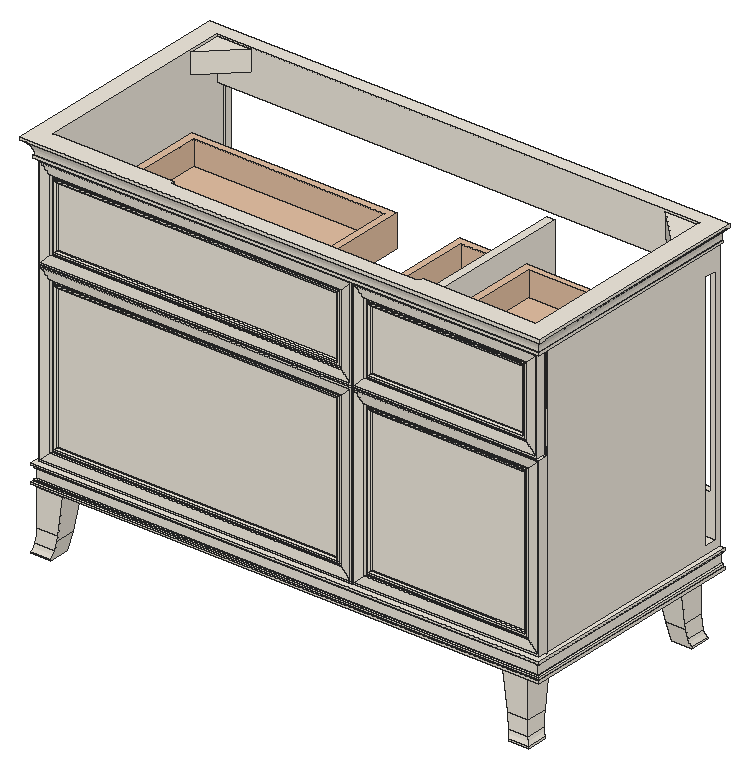
Revit family "Furniture-Floor_Mount-Vanity-KOHLER-Artifacts-K-29481_1", category Casework, host Face, Revit 2021
Family settings
  Host = Face
  OmniClass Number = 23.21.19.00
  Cut with Voids When Loaded = No
  Shared = No
  Room Calculation Point = No
Parameters (values of type "1WA-Linen White")
  Width = 48 1/32"  # constant formula
  WaterSense Certified = 1 = 0  # no
  URL = "https://www.us.kohler.com/us/"
  Type = 1
  Product Page URL = "http://www.us.kohler.com/us/catalog/productDetails.jsp?productNumber=29481"
  Product Name = "Artifacts"  # constant formula
  Product Documentation Link = "https://www.us.kohler.com/webassets/kpna/catalog/pdf/en/K-29481_spec_US-CA_Kohler_en.pdf"
  Model = if(Type = 1, "K-29481-1WA", if(Type = 2, "K-29481-1WX", if(Type = 3, "K-29481-AGA", if(Type = 4, "K-29481-BWK", if(Type = 5, "K-29481-WEK", "NA")))))  # "K-29481-1WA"
  Material = "Solid Wood\r\n"  # constant formula
  Master Format 2014 Name = "Bathroom Casework"  # constant formula
  Master Format 2014 = "12 35 30.23"  # constant formula
  Manufacturer Address = "444 Highland Dr, Kohler, WI 53044"  # constant formula
  Manufacturer = "Kohler Co."  # constant formula
  Product Finish = Kohler-Wood-1WA-Linen_White
  Height = 34 155/256"  # constant formula
  Hardware Included = 0 = 1  # no
  Finish = if(Type = 1, "Kohler-Wood-1WA-Linen White", if(Type = 2, "Kohler-Wood-1WX-New_Dark_Grey", if(Type = 3, "KOHLER-Wood-AGA-Ash_Grey", if(Type = 4, "KOHLER-Wood-BWK-Carbon_Oak", if(Type = 5, "KOHLER-Wood-WEK-Weathered_Oak", "NA")))))  # "Kohler-Wood-1WA-Linen White"
  Environmental Product Declaration = ""
  Description = "48 inch vanity"  # constant formula
  Depth = 21 57/64"  # constant formula
  Default Elevation = 0"
  Declare Label = ""
  Date Modified = "11/04/2023"  # constant formula
  Date Created = "11/04/2023"  # constant formula
  Copyright = "Copyright Kohler Co."  # constant formula
  Contact Us = "https://www.us.kohler.com/us/static/contact.jsp"
  Construction Type = ""
  Assembly Code = "E2010.30"
  ADA Compliant = 1 = 0  # no
Reference planes (in)
  plane 1 "Center (Front/Back)": y = 0
  plane 2: z = 0
  plane 3 "Center (Left/Right)": x = 0
  plane 4: y = -10.94574
  plane 5: y = 9.64567
  plane 6: y = 9.2126
  plane 7: z = 34.60547
  plane 8: z = 30.66929
  plane 9: z = 12.28346
  plane 10: z = 0.11811
  plane 11: x = -30
  plane 12: x = 18.03125
  plane 13: y = 10.94488
  plane 14: x = -28.45669
  plane 15: x = -28.22834
  plane 16: x = 16.71266
  plane 17: y = 0.25591
Dimensions and locks (in)
  "Height": plane 7 to level
  plane 8 to plane 9 to plane 10 = 18.38583", 12.16535"
  "Width": plane 11 to plane 12
  "Depth": plane 4 to plane 13
  aligned and locked: plane 2 to host face
  aligned and locked: level to host face
  aligned and locked: nested 1 to plane 13
Automatic sketch dimensions
  host sketch curve to host sketch curve = 96"  (x2)
Nested families (in)
  nested 1: "K-29481" at (0, 0.25591, 0), type "K-29481"
Definition of nested family "K-29481"
  Parameters (values of type "K-29481")
    Material = none
    Finish = "Kohler-Wood-1WA-Linen White"
    Default Elevation = 0"
    Construction Type = ""
  Reference planes (in)
    plane 1 "Center (Front/Back)": y = 0
    plane 2: z = 0
    plane 3 "Center (Left/Right)": x = 0
    plane 4: z = 34.48797
    plane 5: z = 5.70844
    plane 6: x = -30
    plane 7: x = -28.45669
    plane 8: y = -11.20079
    plane 9: x = 18.0315
    plane 10: z = -0.11811
    plane 11: y = 10.68898
    plane 12: x = -28.22834
    plane 13: x = 1.5748
    plane 14: x = 2.50006
    plane 15: x = 16.71266
  Forms (in)
    Sweep 1, solid, material <- "Material"
      path origin (0, 0, 0) x (1, 0, 0) y (0, 1, 0)
        loop
          line (-30, 10.68898) -> (-30, -11.20079) -> (18.0315, -11.20079) -> (18.0315, 10.68898)
      profile origin (-5.98425, -11.20079, 0) x (0, 1, 0) y (0, 0, 1)
        loop
          line (4.71667, 34.48797) -> (0, 34.48797) -> (0, 34.17301)
          arc (0, 34.17301) -> (0.55132, 33.64836) -> (0.74803, 32.91317) r 1.40448
          line (0.74803, 32.91317) -> (0.62992, 32.91317) -> (0.62992, 32.67694) -> (4.71667, 32.67694) -> (4.71667, 34.48797)
        loop
          line (4.71667, 7.51946) -> (0.47244, 7.51946) -> (0.47244, 7.28324) -> (0.59055, 7.28324) -> (0.59055, 7.16513)
          arc (0.59055, 7.16513) -> (0.64161, 7.11387) -> (0.66929, 7.04702) r 0.18633
          line (0.66929, 7.04702) -> (0.7874, 7.04702) -> (0.7874, 6.18088) -> (0.66929, 6.18088)
          arc (0.66929, 6.18088) -> (0.64139, 6.11418) -> (0.59055, 6.06277) r 0.18962
          line (0.59055, 6.06277) -> (0.59055, 5.94466) -> (0.47244, 5.94466) -> (0.47244, 5.70844) -> (4.71667, 5.70844) -> (4.71667, 7.51946)
    Extrusion 2, solid, material <- "Material"
      sketch origin (0, 0, 0) x (1, 0, 0) y (0, 0, 1)
        loop
          line (17.14609, 5.70844) -> (17.14609, 34.48797) -> (-29.05512, 34.48797) -> (-29.05512, 5.70844) -> (17.14609, 5.70844)
      from -10.68898 to 9.4685
    Extrusion 3, void
      sketch origin (0, 0, 0) x (1, 0, 0) y (0, 1, 0)
        loop
          line (-28.34646, 9.46817) -> (-28.34646, -9.4685) -> (16.23611, -9.4685) -> (16.23611, 9.46817) -> (-28.34646, 9.46817)
      from 8.22813 to 38.8933
    Extrusion 4, solid, material <- "Material", detail levels medium+fine
      sketch origin (0, 0, 0) x (0, 1, 0) y (0, 0, 1)
        loop
          line (-9.4685, 32.67694) -> (-9.4685, 7.51946) -> (-9.43655, 7.51946) -> (-9.43655, 32.67694) -> (-9.4685, 32.67694)
      from -29.05512 to 17.2642
    Sweep 5, solid, material <- "Material", detail levels medium+fine
      path origin (0, 0, 0) x (1, 0, 0) y (0, 0, 1)
        loop
          line (-0.05905, 32.55883) -> (-28.95669, 32.55883) -> (-28.95669, 23.97616) -> (-0.05905, 23.97616) -> (-0.05905, 32.55883)
      profile origin (-14.50787, 0, 32.55883) x (0, 0, -1) y (0, -1, 0)
        loop
          line (0, 9.58667) -> (3.93701, 9.58667) -> (3.93701, 10.05867) -> (1.53561, 10.05867) -> (1.49606, 10.15753) -> (1.29921, 10.25596) -> (1.1811, 10.25596) -> (1.16142, 10.13785) -> (1.00394, 10.13785) -> (0.98425, 10.25596) -> (0.11811, 10.37407) -> (0, 10.37407) -> (0, 9.58667)
    Extrusion 6, solid, material <- "Material", detail levels medium+fine
      sketch origin (0, 0, 0) x (1, 0, 0) y (0, 0, 1)
        loop
          line (-25.01968, 28.62183) -> (-25.01968, 27.91317) -> (-3.99606, 27.91317) -> (-3.99606, 28.62183) -> (-25.01968, 28.62183)
      from 9.58667 to 10.05867
    Sweep 7, solid, material <- "Material", detail levels medium+fine
      path origin (0, 0, 0) x (1, 0, 0) y (0, 0, 1)
        loop
          line (-0.05905, 23.85805) -> (-28.95669, 23.85805) -> (-28.95669, 7.63757) -> (-0.05905, 7.63757) -> (-0.05905, 23.85805)
      profile origin (-14.50787, 0, 23.85805) x (0, 0, -1) y (0, -1, 0)
        loop
          line (0, 9.5865) -> (6.69291, 9.5865) -> (6.69291, 10.0585) -> (1.53561, 10.0585) -> (1.49606, 10.15737) -> (1.29921, 10.2558) -> (1.1811, 10.2558) -> (1.16142, 10.13769) -> (1.00394, 10.13769) -> (0.98425, 10.2558) -> (0.11811, 10.37391) -> (0, 10.37391) -> (0, 9.5865)
    Extrusion 8, solid, material <- "Material", detail levels medium+fine
      sketch origin (0, 0, 0) x (1, 0, 0) y (0, 0, 1)
        loop
          line (-22.26378, 17.16513) -> (-22.26378, 14.33049) -> (-6.75197, 14.33049) -> (-6.75197, 17.16513) -> (-22.26378, 17.16513)
      from 9.5865 to 10.0585
    Extrusion 9, solid, material <- "Material", detail levels medium+fine
      sketch origin (0, -0.25728, -0.0019) x (0, 1, 0) y (0, 0, 1)
        loop
          arc (-9.24964, 27.71833) -> (-9.30603, 27.69497) -> (-9.32939, 27.63857) r 0.07975
          line (-9.32939, 27.63857) -> (-9.32939, 24.76557) -> (-9.21123, 24.76557) -> (-9.21123, 27.71833) -> (-9.24964, 27.71833)
        loop
          line (-9.21123, 15.51344) -> (-9.25049, 15.51344)
          arc (-9.25049, 15.51344) -> (-9.30616, 15.49038) -> (-9.32923, 15.4347) r 0.07874
          line (-9.32923, 15.4347) -> (-9.32923, 9.60793) -> (-9.21123, 9.60793) -> (-9.21123, 15.51344)
      from -28.95669 to 17.2642
    Sweep 10, solid, material <- "Material", detail levels medium+fine
      path origin (0, 0, 0) x (-1, 0, 0) y (0, 0, 1)
        loop
          line (-0.05905, 32.55883) -> (-17.08662, 32.55883) -> (-17.08662, 23.97616) -> (-0.05905, 23.97616) -> (-0.05905, 32.55883)
      profile origin (8.57283, 0, 32.55883) x (0, 0, 1) y (0, -1, 0)
        loop
          line (0, 9.58667) -> (0, 10.37407) -> (-0.11811, 10.37407) -> (-0.98425, 10.25596) -> (-1.00394, 10.13785) -> (-1.16142, 10.13785) -> (-1.1811, 10.25596) -> (-1.29921, 10.25596) -> (-1.49606, 10.15753) -> (-1.53561, 10.05867) -> (-3.93701, 10.05867) -> (-3.93701, 9.58667) -> (0, 9.58667)
    Sweep 11, solid, material <- "Material", detail levels medium+fine
      path origin (0, 0, 0) x (-1, 0, 0) y (0, 0, 1)
        loop
          line (-0.05905, 23.85805) -> (-17.2642, 23.85805) -> (-17.2642, 7.63757) -> (-0.05905, 7.63757) -> (-0.05905, 23.85805)
      profile origin (8.66163, 0, 23.85805) x (0, 0, 1) y (0, -1, 0)
        loop
          line (0, 9.5865) -> (0, 10.37391) -> (-0.11811, 10.37391) -> (-0.98425, 10.2558) -> (-1.00394, 10.13769) -> (-1.16142, 10.13769) -> (-1.1811, 10.2558) -> (-1.29921, 10.2558) -> (-1.49606, 10.15737) -> (-1.53561, 10.0585) -> (-6.69291, 10.0585) -> (-6.69291, 9.5865) -> (0, 9.5865)
    Extrusion 12, solid, material <- "Material", detail levels medium+fine
      sketch origin (0, 0, 0) x (-1, 0, 0) y (0, 0, -1)
        loop
          line (-13.14961, -28.62183) -> (-3.99606, -28.62183) -> (-3.99606, -27.91317) -> (-13.14961, -27.91317) -> (-13.14961, -28.62183)
      from 9.58667 to 10.05867
    Extrusion 13, solid, material <- "Material", detail levels medium+fine
      sketch origin (0, 0, 0) x (-1, 0, 0) y (0, 0, -1)
        loop
          line (-10.57129, -17.16513) -> (-6.75197, -17.16513) -> (-6.75197, -14.33049) -> (-10.57129, -14.33049) -> (-10.57129, -17.16513)
      from 9.5865 to 10.0585
    Extrusion 14, solid, material <- "Material", detail levels medium+fine
      sketch origin (0, 0, 0) x (1, 0, 0) y (0, 0, 1)
        loop
          arc (-29.05777, 2.07893) -> (-29.13701, 1.08595) -> (-29.37273, 0.11811) r 6.26114
          line (-29.37273, 0.11811) -> (-29.37273, 0) -> (-27.56171, 0)
          arc (-27.56171, 0) -> (-27.37862, 0.78501) -> (-27.24268, 1.57954) r 13.51115
          line (-27.24268, 1.57954) -> (-26.69557, 5.47244) -> (-29.05777, 5.47244) -> (-29.05777, 2.07893)
      from 7.22501 to 11.50413
    Extrusion 15, void
      sketch origin (0, 0, 0) x (0, 1, 0) y (0, 0, 1)
        loop
          arc (-10.41339, 2.07893) -> (-10.43409, 1.43081) -> (-10.4961, 0.78533) r 10.15706
          arc (-10.4961, 0.78533) -> (-10.57753, 0.43964) -> (-10.72835, 0.11812) r 1.71658
          line (-10.72835, 0.11812) -> (-10.72835, 0) -> (-8.91732, 0)
          arc (-8.91732, 0) -> (-8.73424, 0.78501) -> (-8.59829, 1.57954) r 13.51115
          line (-8.59829, 1.57954) -> (-8.05118, 5.47244) -> (-10.41339, 5.47244) -> (-10.41339, 2.07893)
        loop
          line (-11.72111, 6.21798) -> (-11.72111, -0.47493) -> (-7.09512, -0.47493) -> (-7.09512, 6.21798) -> (-11.72111, 6.21798)
      from -34.73225 to 35.74638
    Extrusion 16, solid, material <- "Material", detail levels medium+fine
      sketch origin (0, 0, 0) x (-1, 0, 0) y (0, 0, -1)
        loop
          line (-16.30187, -2.07893) -> (-16.30187, -5.47244) -> (-13.93966, -5.47244) -> (-14.48678, -1.57954)
          arc (-14.48678, -1.57954) -> (-14.62272, -0.78501) -> (-14.80581, 0) r 13.51115
          line (-14.80581, 0) -> (-16.61683, 0) -> (-16.61683, -0.11811)
          arc (-16.61683, -0.11811) -> (-16.4679, -0.4403) -> (-16.38458, -0.78533) r 1.81328
          arc (-16.38458, -0.78533) -> (-16.31894, -1.43058) -> (-16.30187, -2.07893) r 8.64397
      from 7.22501 to 11.50413
    Extrusion 17, solid, material <- "Material", detail levels medium+fine
      sketch origin (0, 0, 0) x (-1, 0, 0) y (0, 0, 1)
        loop
          arc (-16.30187, 2.07893) -> (-16.31894, 1.43058) -> (-16.38458, 0.78533) r 8.64397
          arc (-16.38458, 0.78533) -> (-16.4679, 0.4403) -> (-16.61683, 0.11811) r 1.81328
          line (-16.61683, 0.11811) -> (-16.61683, 0) -> (-14.80581, 0)
          arc (-14.80581, 0) -> (-14.62272, 0.78501) -> (-14.48678, 1.57954) r 13.51115
          line (-14.48678, 1.57954) -> (-13.93966, 5.47244) -> (-16.30187, 5.47244) -> (-16.30187, 2.07893)
      from 7.05316 to 10.17717
    Extrusion 18, solid, material <- "Material", detail levels medium+fine
      sketch origin (0, 0, 0) x (1, 0, 0) y (0, 0, -1)
        loop
          line (-29.05777, -2.07893) -> (-29.05777, -5.47244) -> (-26.69557, -5.47244) -> (-27.24268, -1.57954)
          arc (-27.24268, -1.57954) -> (-27.37862, -0.78501) -> (-27.56171, 0) r 13.51115
          line (-27.56171, 0) -> (-29.37273, 0) -> (-29.37273, -0.11811)
          arc (-29.37273, -0.11811) -> (-29.13701, -1.08595) -> (-29.05777, -2.07893) r 6.26114
      from 7.09512 to 10.17717
    Extrusion 19, void
      sketch origin (0, 0, 0) x (0, 1, 0) y (0, 0, 1)
        loop
          line (9.58692, 2.07893) -> (9.58692, 5.47244) -> (7.22471, 5.47244) -> (7.77182, 1.57954)
          arc (7.77182, 1.57954) -> (7.90777, 0.78501) -> (8.09085, 0) r 13.51115
          line (8.09085, 0) -> (9.90188, 0) -> (9.90188, 0.11812)
          arc (9.90188, 0.11812) -> (9.75106, 0.43964) -> (9.66963, 0.78533) r 1.71658
          arc (9.66963, 0.78533) -> (9.60762, 1.43081) -> (9.58692, 2.07893) r 10.15706
        loop
          line (10.89464, 6.21798) -> (6.26865, 6.21798) -> (6.26865, -0.47493) -> (10.89464, -0.47493) -> (10.89464, 6.21798)
      from -33.62709 to 32.43652
    Extrusion 20, solid, material <- "Material", detail levels medium+fine
      sketch origin (0, 0, 0) x (1, 0, 0) y (0, 1, 0)
        loop
          line (-27.38479, -6.20972) -> (-29.05512, -7.88005) -> (-29.05512, -10.41339) -> (-26.52178, -10.41339) -> (-24.85145, -8.74305)
          arc (-24.85145, -8.74305) -> (-24.79379, -8.60386) -> (-24.85145, -8.46467) r 0.19685
          line (-24.85145, -8.46467) -> (-27.1064, -6.20972)
          arc (-27.1064, -6.20972) -> (-27.24559, -6.15206) -> (-27.38479, -6.20972) r 0.19685
        loop
          line (15.41628, 5.38541) -> (17.08662, 7.05574) -> (17.08662, 9.58907) -> (14.55328, 9.58907) -> (12.88295, 7.91874)
          arc (12.88295, 7.91874) -> (12.82529, 7.77955) -> (12.88295, 7.64036) r 0.19685
          line (12.88295, 7.64036) -> (15.1379, 5.38541)
          arc (15.1379, 5.38541) -> (15.27709, 5.32775) -> (15.41628, 5.38541) r 0.19685
        loop
          arc (-27.38479, 5.38283) -> (-27.24559, 5.32517) -> (-27.1064, 5.38283) r 0.19685
          line (-27.1064, 5.38283) -> (-24.85145, 7.63778)
          arc (-24.85145, 7.63778) -> (-24.79379, 7.77697) -> (-24.85145, 7.91617) r 0.19685
          line (-24.85145, 7.91617) -> (-26.52178, 9.5865) -> (-29.05512, 9.5865) -> (-29.05512, 7.05316) -> (-27.38479, 5.38283)
        loop
          arc (15.41629, -6.20972) -> (15.27709, -6.15206) -> (15.1379, -6.20972) r 0.19685
          line (15.1379, -6.20972) -> (12.88295, -8.46467)
          arc (12.88295, -8.46467) -> (12.8253, -8.60386) -> (12.88295, -8.74305) r 0.19685
          line (12.88295, -8.74305) -> (14.55328, -10.41339) -> (17.08662, -10.41339) -> (17.08662, -7.88005) -> (15.41629, -6.20972)
      from 5.47244 to 5.94466
    Extrusion 21, solid
      sketch origin (0, 0, 0) x (1, 0, 0) y (0, 1, 0)
        loop
          line (-9.25243, 6.3584) -> (-28.14946, 6.3584) -> (-28.14946, -9.4685) -> (1.69266, -9.4685) -> (1.69266, 6.3584) -> (-3.42565, 6.3584) -> (-3.42565, -4.15343) -> (-9.25243, -4.15343) -> (-9.25243, 6.3584)
        loop
          line (-9.25243, -8.99595) -> (-3.42565, -8.99595) -> (-3.42565, -4.74398) -> (-9.25243, -4.74398) -> (-9.25243, -8.99595)
        loop
          line (-27.5589, -8.99595) -> (-9.84298, -8.99595) -> (-9.84298, 5.76785) -> (-27.5589, 5.76785) -> (-27.5589, -8.99595)
        loop
          line (1.29896, -8.99595) -> (1.29896, 5.76785) -> (-2.8351, 5.76785) -> (-2.8351, -8.99595) -> (1.29896, -8.99595)
      from 24.76356 to 27.71643
    Extrusion 22, solid
      sketch origin (0, 0, 0) x (1, 0, 0) y (0, 1, 0)
        loop
          line (-9.25243, -8.99595) -> (-3.42592, -8.99595) -> (-3.42592, -4.27154) -> (-9.25243, -4.27154) -> (-9.25243, -8.99595)
        loop
          line (-27.5589, -8.99595) -> (-9.84298, -8.99595) -> (-9.84298, 5.76785) -> (-27.5589, 5.76785) -> (-27.5589, -8.99595)
        loop
          line (1.73137, -8.99595) -> (1.73137, 5.76785) -> (-2.83537, 5.76785) -> (-2.83537, -8.99595) -> (1.73137, -8.99595)
      from 25.15726 to 25.47222
    Extrusion 23, solid
      sketch origin (0, 0, 0) x (-1, 0, 0) y (0, -1, 0)
        loop
          line (-6.3776, -6.3584) -> (-2.79511, -6.3584) -> (-2.79511, 9.4685) -> (-16.23611, 9.4685) -> (-16.23611, -6.3584) -> (-6.3776, -6.3584)
        loop
          line (-15.64556, 8.99595) -> (-15.64556, -5.76785) -> (-12.36224, -5.76785) -> (-3.38566, -5.76785) -> (-3.38566, 8.99595) -> (-12.36224, 8.99595) -> (-15.64556, 8.99595)
      from 24.76356 to 27.71643
    Extrusion 24, solid
      sketch origin (0, 0, 0) x (-1, 0, 0) y (0, -1, 0)
        loop
          line (-16.23611, 8.99595) -> (-16.23611, -5.76785) -> (-2.79511, -5.76785) -> (-2.79511, 8.99595) -> (-16.23611, 8.99595)
      from 25.15726 to 25.47222
    Extrusion 25, solid, material <- "Material"
      sketch origin (2.16535, 0, 0) x (1, 0, 0) y (0, 1, 0)
        loop
          line (-0.35433, -9.43655) -> (0.35433, -9.43655) -> (0.35433, 9.90188) -> (-0.35433, 9.90188) -> (-0.35433, -9.43655)
      from 5.70844 to 29.77231
    Extrusion 26, solid
      sketch origin (0, 0, 0) x (1, 0, 0) y (0, 0, 1)
        loop
          line (16.73214, 9.60613) -> (16.73214, 15.4355)
          arc (16.73214, 15.4355) -> (16.70984, 15.48934) -> (16.656, 15.51164) r 0.07614
          line (16.656, 15.51164) -> (16.21656, 15.51164)
          arc (16.21656, 15.51164) -> (16.16354, 15.48968) -> (16.14158, 15.43666) r 0.07498
          line (16.14158, 15.43666) -> (16.14158, 10.27542) -> (5.39354, 10.27542) -> (3.18126, 10.27542) -> (3.18126, 15.43666)
          arc (3.18126, 15.43666) -> (3.1593, 15.48968) -> (3.10628, 15.51164) r 0.07498
          line (3.10628, 15.51164) -> (2.66685, 15.51164)
          arc (2.66685, 15.51164) -> (2.61301, 15.48934) -> (2.59071, 15.4355) r 0.07614
          line (2.59071, 15.4355) -> (2.59071, 9.60613) -> (3.18126, 9.60613) -> (3.18126, 10.07857) -> (16.14158, 10.07857) -> (16.14158, 9.60613) -> (16.73214, 9.60613)
      from -6.3584 to 9.84252
    Extrusion 27, solid
      sketch origin (0, 0, 0) x (0, 1, 0) y (0, 0, 1)
        loop
          line (5.76785, 15.4329) -> (5.76785, 9.60613) -> (6.3584, 9.60613) -> (6.3584, 15.4329)
          arc (6.3584, 15.4329) -> (6.33534, 15.48858) -> (6.27966, 15.51164) r 0.07874
          line (6.27966, 15.51164) -> (5.84659, 15.51164)
          arc (5.84659, 15.51164) -> (5.79091, 15.48858) -> (5.76785, 15.4329) r 0.07874
      from 3.18126 to 16.27995
    Extrusion 28, void
      sketch origin (7.28242, 0, 0) x (1, 0, 0) y (0, 0, 1)
        loop
          arc (-16.53528, 13.42502) -> (-16.3969, 13.09096) -> (-16.06284, 12.95258) r 0.47244
          line (-16.06284, 12.95258) -> (-11.1771, 12.95258)
          arc (-11.1771, 12.95258) -> (-10.84575, 13.08983) -> (-10.70851, 13.42118) r 0.46859
          line (-10.70851, 13.42118) -> (-10.70851, 16.51972) -> (-16.53528, 16.51972) -> (-16.53528, 13.42502)
      from -9.58692 to -5.76785
    Extrusion 29, solid
      sketch origin (0, 0, 0) x (0, 1, 0) y (0, 0, -1)
        loop
          arc (5.76785, -15.4329) -> (5.79091, -15.48858) -> (5.84659, -15.51164) r 0.07874
          line (5.84659, -15.51164) -> (6.27966, -15.51164)
          arc (6.27966, -15.51164) -> (6.33534, -15.48858) -> (6.3584, -15.4329) r 0.07874
          line (6.3584, -15.4329) -> (6.3584, -9.60613) -> (5.76785, -9.60613) -> (5.76785, -15.4329)
      from -1.04331 to 28.14946
    Extrusion 30, solid
      sketch origin (0, 0, 0) x (-1, 0, 0) y (0, 0, -1)
        loop
          line (28.14946, -9.60613) -> (27.55891, -9.60613) -> (27.55891, -10.07857) -> (-0.88779, -10.07857) -> (-0.88779, -9.60613) -> (-1.47834, -9.60613) -> (-1.47834, -15.4355)
          arc (-1.47834, -15.4355) -> (-1.45604, -15.48934) -> (-1.4022, -15.51164) r 0.07614
          line (-1.4022, -15.51164) -> (-0.96276, -15.51164)
          arc (-0.96276, -15.51164) -> (-0.90975, -15.48968) -> (-0.88779, -15.43666) r 0.07498
          line (-0.88779, -15.43666) -> (-0.88779, -10.2951) -> (18.74002, -10.2951) -> (27.55891, -10.2951) -> (27.55891, -15.43666)
          arc (27.55891, -15.43666) -> (27.58087, -15.48968) -> (27.63388, -15.51164) r 0.07498
          line (27.63388, -15.51164) -> (28.07332, -15.51164)
          arc (28.07332, -15.51164) -> (28.12716, -15.48934) -> (28.14946, -15.4355) r 0.07614
          line (28.14946, -15.4355) -> (28.14946, -9.60613)
      from -6.3584 to 9.4685
    Extrusion 31, solid, material <- "Material", detail levels medium+fine
      sketch origin (0.04462, 0, 15.14656) x (1, 0, 0) y (0, 0, 1)
        loop
          line (15.3947, 10.59077) -> (15.20556, 10.63015)
          arc (15.20556, 10.63015) -> (14.69655, 10.40376) -> (15.20556, 10.17738) r 0.30485
          line (15.20556, 10.17738) -> (15.3947, 10.21676) -> (15.50202, 10.21676) -> (15.58651, 10.40376) -> (15.50202, 10.59077) -> (15.3947, 10.59077)
      from -6.71135 to -6.65308
    Extrusion 32, solid, material <- "Material", detail levels medium+fine
      sketch origin (0.04184, 0, 15.15685) x (1, 0, 0) y (0, 0, 1)
        loop
          line (14.32627, 9.39422) -> (15.49556, 9.39422) -> (15.49556, 10.01423)
          arc (15.49556, 10.01423) -> (15.47652, 10.06021) -> (15.43053, 10.07926) r 0.06503
          line (15.43053, 10.07926) -> (14.39443, 10.07926)
          arc (14.39443, 10.07926) -> (14.34624, 10.0593) -> (14.32627, 10.01111) r 0.06815
          line (14.32627, 10.01111) -> (14.32627, 9.39422)
      from -6.71135 to 8.28773
    Extrusion 33, solid, material <- "Material", detail levels medium+fine
      sketch origin (0.03937, 0, 15.15685) x (1, 0, 0) y (0, 0, 1)
        loop
          line (15.27638, 9.39422) -> (14.55197, 9.39422) -> (14.55197, 9.28652)
          arc (14.55197, 9.28652) -> (14.5439, 9.26705) -> (14.52443, 9.25898) r 0.02754
          line (14.52443, 9.25898) -> (14.30394, 9.25898) -> (14.30394, 9.20052) -> (15.27638, 9.20052) -> (15.27638, 9.39422)
      from -6.53419 to 5.49337
    Extrusion 34, solid, material <- "Material"
      sketch origin (0.03615, 0, 15.16015) x (1, 0, 0) y (0, 0, 1)
        loop
          line (14.90599, 9.03167) -> (16.15266, 9.03167)
          arc (16.15266, 9.03167) -> (16.28629, 9.08702) -> (16.34164, 9.22065) r 0.18898
          line (16.34164, 9.22065) -> (16.3418, 10.90175) -> (16.27077, 10.90175) -> (16.27077, 10.8053) -> (16.2314, 10.75411) -> (16.2314, 9.71081) -> (16.27077, 9.65963) -> (16.27077, 9.2185)
          arc (16.27077, 9.2185) -> (16.23681, 9.1365) -> (16.15481, 9.10254) r 0.11596
          line (16.15481, 9.10254) -> (14.90425, 9.10254)
          arc (14.90425, 9.10254) -> (14.87668, 9.11396) -> (14.86526, 9.14153) r 0.039
          line (14.86526, 9.14153) -> (14.86526, 9.19722) -> (14.79439, 9.19722) -> (14.79439, 9.14327)
          arc (14.79439, 9.14327) -> (14.82708, 9.06436) -> (14.90599, 9.03167) r 0.1116
      from -5.58126 to 8.03274
    Extrusion 35, solid, material <- "Material"
      sketch origin (-11.9685, 0, 0) x (1, 0, 0) y (0, 0, 1)
        loop
          line (28.22047, 24.55009) -> (27.77501, 24.55009) -> (27.77501, 24.26269) -> (28.22047, 24.26269) -> (28.22047, 24.55009)
      from -3.95133 to 6.04913
    Extrusion 36, solid, material <- "Material", detail levels medium+fine
      sketch origin (-11.9685, 0, 0) x (1, 0, 0) y (0, 0, 1)
        loop
          line (27.30906, 25.89359) -> (26.58071, 25.89359) -> (26.58071, 25.23611) -> (27.44685, 25.23611) -> (27.44685, 25.76761) -> (27.30906, 25.76761) -> (27.30906, 25.89359)
      from -6.65308 to -5.83754
    Extrusion 37, solid, material <- "Material", detail levels medium+fine
      sketch origin (-12.01312, 0, 15.14656) x (-1, 0, 0) y (0, 0, -1)
        loop
          line (15.3947, -10.59077) -> (15.50202, -10.59077) -> (15.58651, -10.40376) -> (15.50202, -10.21676) -> (15.3947, -10.21676) -> (15.20556, -10.17738)
          arc (15.20556, -10.17738) -> (14.69655, -10.40376) -> (15.20556, -10.63015) r 0.30485
          line (15.20556, -10.63015) -> (15.3947, -10.59077)
      from -6.71135 to -6.65308
    Extrusion 38, solid, material <- "Material", detail levels medium+fine
      sketch origin (-12.01034, 0, 15.15685) x (-1, 0, 0) y (0, 0, -1)
        loop
          line (14.32627, -9.39422) -> (14.32627, -10.01111)
          arc (14.32627, -10.01111) -> (14.34624, -10.0593) -> (14.39443, -10.07926) r 0.06815
          line (14.39443, -10.07926) -> (15.43053, -10.07926)
          arc (15.43053, -10.07926) -> (15.47652, -10.06021) -> (15.49556, -10.01423) r 0.06503
          line (15.49556, -10.01423) -> (15.49556, -9.39422) -> (14.32627, -9.39422)
      from -6.71135 to 8.28773
    Extrusion 39, solid, material <- "Material"
      sketch origin (-12.00465, 0, 15.16015) x (-1, 0, 0) y (0, 0, -1)
        loop
          arc (14.90599, -9.03167) -> (14.82708, -9.06436) -> (14.79439, -9.14327) r 0.1116
          line (14.79439, -9.14327) -> (14.79439, -9.19722) -> (14.86526, -9.19722) -> (14.86526, -9.14153)
          arc (14.86526, -9.14153) -> (14.87668, -9.11396) -> (14.90425, -9.10254) r 0.039
          line (14.90425, -9.10254) -> (16.15481, -9.10254)
          arc (16.15481, -9.10254) -> (16.23681, -9.1365) -> (16.27077, -9.2185) r 0.11596
          line (16.27077, -9.2185) -> (16.27077, -9.65963) -> (16.2314, -9.71081) -> (16.2314, -10.75411) -> (16.27077, -10.8053) -> (16.27077, -10.90175) -> (16.3418, -10.90175) -> (16.34164, -9.22065)
          arc (16.34164, -9.22065) -> (16.28629, -9.08702) -> (16.15266, -9.03167) r 0.18898
          line (16.15266, -9.03167) -> (14.90599, -9.03167)
      from -5.58126 to 8.03274
    Extrusion 40, solid, material <- "Material"
      sketch origin (0, 0, 0) x (-1, 0, 0) y (0, 0, -1)
        loop
          line (28.22047, -24.55009) -> (28.22047, -24.26269) -> (27.77501, -24.26269) -> (27.77501, -24.55009) -> (28.22047, -24.55009)
      from -3.95133 to 6.04913
    Extrusion 41, solid, material <- "Material", detail levels medium+fine
      sketch origin (0, 0, 0) x (-1, 0, 0) y (0, 0, -1)
        loop
          line (27.30906, -25.89359) -> (27.30906, -25.76761) -> (27.44685, -25.76761) -> (27.44685, -25.23611) -> (26.58071, -25.23611) -> (26.58071, -25.89359) -> (27.30906, -25.89359)
      from -6.65308 to -5.81042
    Extrusion 42, solid, material <- "Material", detail levels medium+fine
      sketch origin (-12.00788, 0, 15.15685) x (-1, 0, 0) y (0, 0, -1)
        loop
          line (15.27638, -9.39422) -> (15.27638, -9.20052) -> (14.30394, -9.20052) -> (14.30394, -9.25898) -> (14.52443, -9.25898)
          arc (14.52443, -9.25898) -> (14.5439, -9.26705) -> (14.55197, -9.28652) r 0.02754
          line (14.55197, -9.28652) -> (14.55197, -9.39422) -> (15.27638, -9.39422)
      from -6.53419 to 5.49337
    Extrusion 43, solid, material <- "Material", detail levels medium+fine
      sketch origin (18.75458, 0, 15.14656) x (-1, 0, 0) y (0, 0, -1)
        loop
          line (15.3947, -10.59077) -> (15.50202, -10.59077) -> (15.58651, -10.40376) -> (15.50202, -10.21676) -> (15.3947, -10.21676) -> (15.20556, -10.17738)
          arc (15.20556, -10.17738) -> (14.69655, -10.40376) -> (15.20556, -10.63015) r 0.30485
          line (15.20556, -10.63015) -> (15.3947, -10.59077)
      from -6.71135 to -6.65308
    Extrusion 44, solid, material <- "Material", detail levels medium+fine
      sketch origin (18.75736, 0, 15.15685) x (-1, 0, 0) y (0, 0, -1)
        loop
          line (14.32627, -9.39422) -> (14.32627, -10.01111)
          arc (14.32627, -10.01111) -> (14.34624, -10.0593) -> (14.39443, -10.07926) r 0.06815
          line (14.39443, -10.07926) -> (15.43053, -10.07926)
          arc (15.43053, -10.07926) -> (15.47652, -10.06021) -> (15.49556, -10.01423) r 0.06503
          line (15.49556, -10.01423) -> (15.49556, -9.39422) -> (14.32627, -9.39422)
      from -6.71135 to 8.28773
    Extrusion 45, solid, material <- "Material", detail levels medium+fine
      sketch origin (18.75983, 0, 15.15685) x (-1, 0, 0) y (0, 0, -1)
        loop
          line (15.27638, -9.39422) -> (15.27638, -9.20052) -> (14.30394, -9.20052) -> (14.30394, -9.25898) -> (14.52443, -9.25898)
          arc (14.52443, -9.25898) -> (14.5439, -9.26705) -> (14.55197, -9.28652) r 0.02754
          line (14.55197, -9.28652) -> (14.55197, -9.39422) -> (15.27638, -9.39422)
      from -6.53419 to 5.49337
    Extrusion 46, solid, material <- "Material"
      sketch origin (19.45203, 0, 15.16015) x (-1, 0, 0) y (0, 0, -1)
        loop
          arc (14.90599, -9.03167) -> (14.82708, -9.06436) -> (14.79439, -9.14327) r 0.1116
          line (14.79439, -9.14327) -> (14.79439, -9.19722) -> (14.86526, -9.19722) -> (14.86526, -9.14153)
          arc (14.86526, -9.14153) -> (14.87668, -9.11396) -> (14.90425, -9.10254) r 0.039
          line (14.90425, -9.10254) -> (16.15481, -9.10254)
          arc (16.15481, -9.10254) -> (16.23681, -9.1365) -> (16.27077, -9.2185) r 0.11596
          line (16.27077, -9.2185) -> (16.27077, -9.65963) -> (16.2314, -9.71081) -> (16.2314, -10.75411) -> (16.27077, -10.8053) -> (16.27077, -10.90175) -> (16.3418, -10.90175) -> (16.34164, -9.22065)
          arc (16.34164, -9.22065) -> (16.28629, -9.08702) -> (16.15266, -9.03167) r 0.18898
          line (16.15266, -9.03167) -> (14.90599, -9.03167)
      from -5.58126 to 8.03274
    Extrusion 47, solid, material <- "Material"
      sketch origin (31.45668, 0, 0) x (-1, 0, 0) y (0, 0, -1)
        loop
          line (28.22047, -24.55009) -> (28.22047, -24.26269) -> (27.77501, -24.26269) -> (27.77501, -24.55009) -> (28.22047, -24.55009)
      from -3.95133 to 6.04913
    Extrusion 48, solid, material <- "Material", detail levels medium+fine
      sketch origin (31.01377, 0, 0) x (-1, 0, 0) y (0, 0, -1)
        loop
          line (27.30906, -25.89359) -> (27.30906, -25.76761) -> (27.44685, -25.76761) -> (27.44685, -25.23611) -> (26.58071, -25.23611) -> (26.58071, -25.89359) -> (27.30906, -25.89359)
      from -6.65308 to -5.91822
    Extrusion 49, solid, material <- "Material", detail levels medium+fine
      sketch origin (-14.60674, 0, 15.14656) x (1, 0, 0) y (0, 0, 1)
        loop
          line (15.3947, 10.59077) -> (15.20556, 10.63015)
          arc (15.20556, 10.63015) -> (14.69655, 10.40376) -> (15.20556, 10.17738) r 0.30485
          line (15.20556, 10.17738) -> (15.3947, 10.21676) -> (15.50202, 10.21676) -> (15.58651, 10.40376) -> (15.50202, 10.59077) -> (15.3947, 10.59077)
      from -6.71135 to -6.65308
    Extrusion 50, solid, material <- "Material", detail levels medium+fine
      sketch origin (-14.60952, 0, 15.15685) x (1, 0, 0) y (0, 0, 1)
        loop
          line (14.32627, 9.39422) -> (15.49556, 9.39422) -> (15.49556, 10.01423)
          arc (15.49556, 10.01423) -> (15.47652, 10.06021) -> (15.43053, 10.07926) r 0.06503
          line (15.43053, 10.07926) -> (14.39443, 10.07926)
          arc (14.39443, 10.07926) -> (14.34624, 10.0593) -> (14.32627, 10.01111) r 0.06815
          line (14.32627, 10.01111) -> (14.32627, 9.39422)
      from -6.71135 to 8.28773
    Extrusion 51, solid, material <- "Material", detail levels medium+fine
      sketch origin (-14.37991, 0, 15.15685) x (1, 0, 0) y (0, 0, 1)
        loop
          line (15.27638, 9.39422) -> (14.55197, 9.39422) -> (14.55197, 9.28652)
          arc (14.55197, 9.28652) -> (14.5439, 9.26705) -> (14.52443, 9.25898) r 0.02754
          line (14.52443, 9.25898) -> (14.30394, 9.25898) -> (14.30394, 9.20052) -> (15.27638, 9.20052) -> (15.27638, 9.39422)
      from -6.53419 to 5.49337
    Extrusion 52, solid, material <- "Material"
      sketch origin (-14.61521, 0, 15.16015) x (1, 0, 0) y (0, 0, 1)
        loop
          line (14.90599, 9.03167) -> (16.15266, 9.03167)
          arc (16.15266, 9.03167) -> (16.28629, 9.08702) -> (16.34164, 9.22065) r 0.18898
          line (16.34164, 9.22065) -> (16.3418, 10.90175) -> (16.27077, 10.90175) -> (16.27077, 10.8053) -> (16.2314, 10.75411) -> (16.2314, 9.71081) -> (16.27077, 9.65963) -> (16.27077, 9.2185)
          arc (16.27077, 9.2185) -> (16.23681, 9.1365) -> (16.15481, 9.10254) r 0.11596
          line (16.15481, 9.10254) -> (14.90425, 9.10254)
          arc (14.90425, 9.10254) -> (14.87668, 9.11396) -> (14.86526, 9.14153) r 0.039
          line (14.86526, 9.14153) -> (14.86526, 9.19722) -> (14.79439, 9.19722) -> (14.79439, 9.14327)
          arc (14.79439, 9.14327) -> (14.82708, 9.06436) -> (14.90599, 9.03167) r 0.1116
      from -5.58126 to 8.03274
    Extrusion 53, solid, material <- "Material"
      sketch origin (-26.61986, 0, 0) x (1, 0, 0) y (0, 0, 1)
        loop
          line (28.22047, 24.55009) -> (27.77501, 24.55009) -> (27.77501, 24.26269) -> (28.22047, 24.26269) -> (28.22047, 24.55009)
      from -3.95133 to 6.04913
    Extrusion 54, solid, material <- "Material", detail levels medium+fine
      sketch origin (-26.73227, 0, 0) x (1, 0, 0) y (0, 0, 1)
        loop
          line (27.30906, 25.89359) -> (26.58071, 25.89359) -> (26.58071, 25.23611) -> (27.44685, 25.23611) -> (27.44685, 25.76761) -> (27.30906, 25.76761) -> (27.30906, 25.89359)
      from -6.65308 to -5.91826
    Extrusion 55, solid, material <- "Material", detail levels medium+fine
      sketch origin (0.04462, 0, -0.01099) x (1, 0, 0) y (0, 0, 1)
        loop
          line (15.3947, 10.59077) -> (15.20556, 10.63015)
          arc (15.20556, 10.63015) -> (14.69655, 10.40376) -> (15.20556, 10.17738) r 0.30485
          line (15.20556, 10.17738) -> (15.3947, 10.21676) -> (15.50202, 10.21676) -> (15.58651, 10.40376) -> (15.50202, 10.59077) -> (15.3947, 10.59077)
      from -8.68123 to -8.44956
    Extrusion 56, solid, material <- "Material", detail levels medium+fine
      sketch origin (0.04184, 0, -0.00069) x (1, 0, 0) y (0, 0, 1)
        loop
          line (14.32627, 9.39422) -> (15.49556, 9.39422) -> (15.49556, 10.01423)
          arc (15.49556, 10.01423) -> (15.47652, 10.06021) -> (15.43053, 10.07926) r 0.06503
          line (15.43053, 10.07926) -> (14.39443, 10.07926)
          arc (14.39443, 10.07926) -> (14.34624, 10.0593) -> (14.32627, 10.01111) r 0.06815
          line (14.32627, 10.01111) -> (14.32627, 9.39422)
      from -8.68123 to 8.28773
    Extrusion 57, solid, material <- "Material", detail levels medium+fine
      sketch origin (0.03937, 0, -0.00069) x (1, 0, 0) y (0, 0, 1)
        loop
          line (15.27638, 9.39422) -> (14.55197, 9.39422) -> (14.55197, 9.28652)
          arc (14.55197, 9.28652) -> (14.5439, 9.26705) -> (14.52443, 9.25898) r 0.02754
          line (14.52443, 9.25898) -> (14.30394, 9.25898) -> (14.30394, 9.20052) -> (15.27638, 9.20052) -> (15.27638, 9.39422)
      from -8.5061 to 5.49337
    Extrusion 58, solid, material <- "Material"
      sketch origin (0.03615, 0, 0.0026) x (1, 0, 0) y (0, 0, 1)
        loop
          line (14.90599, 9.03167) -> (16.15266, 9.03167)
          arc (16.15266, 9.03167) -> (16.28629, 9.08702) -> (16.34164, 9.22065) r 0.18898
          line (16.34164, 9.22065) -> (16.3418, 10.90175) -> (16.27077, 10.90175) -> (16.27077, 10.8053) -> (16.2314, 10.75411) -> (16.2314, 9.71081) -> (16.27077, 9.65963) -> (16.27077, 9.2185)
          arc (16.27077, 9.2185) -> (16.23681, 9.1365) -> (16.15481, 9.10254) r 0.11596
          line (16.15481, 9.10254) -> (14.90425, 9.10254)
          arc (14.90425, 9.10254) -> (14.87668, 9.11396) -> (14.86526, 9.14153) r 0.039
          line (14.86526, 9.14153) -> (14.86526, 9.19722) -> (14.79439, 9.19722) -> (14.79439, 9.14327)
          arc (14.79439, 9.14327) -> (14.82708, 9.06436) -> (14.90599, 9.03167) r 0.1116
      from -6.09855 to 8.99595
    Extrusion 59, solid, material <- "Material"
      sketch origin (-11.9685, 0, -15.15754) x (1, 0, 0) y (0, 0, 1)
        loop
          line (28.22047, 24.55009) -> (27.77501, 24.55009) -> (27.77501, 24.26269) -> (28.22047, 24.26269) -> (28.22047, 24.55009)
      from -5.41509 to 6.04913
    Extrusion 60, solid, material <- "Material", detail levels medium+fine
      sketch origin (-11.9685, 0, -15.15754) x (1, 0, 0) y (0, 0, 1)
        loop
          line (27.30906, 25.89359) -> (26.58071, 25.89359) -> (26.58071, 25.23611) -> (27.44685, 25.23611) -> (27.44685, 25.76761) -> (27.30906, 25.76761) -> (27.30906, 25.89359)
      from -8.62158 to -8.05131
    Extrusion 61, solid, material <- "Material", detail levels medium+fine
      sketch origin (19.04986, 0, -0.01099) x (-1, 0, 0) y (0, 0, -1)
        loop
          line (15.3947, -10.59077) -> (15.50202, -10.59077) -> (15.58651, -10.40376) -> (15.50202, -10.21676) -> (15.3947, -10.21676) -> (15.20556, -10.17738)
          arc (15.20556, -10.17738) -> (14.69655, -10.40376) -> (15.20556, -10.63015) r 0.30485
          line (15.20556, -10.63015) -> (15.3947, -10.59077)
      from -8.68123 to -8.44956
    Extrusion 62, solid, material <- "Material", detail levels medium+fine
      sketch origin (19.05264, 0, -0.00069) x (-1, 0, 0) y (0, 0, -1)
        loop
          line (14.32627, -9.39422) -> (14.32627, -10.01111)
          arc (14.32627, -10.01111) -> (14.34624, -10.0593) -> (14.39443, -10.07926) r 0.06815
          line (14.39443, -10.07926) -> (15.43053, -10.07926)
          arc (15.43053, -10.07926) -> (15.47652, -10.06021) -> (15.49556, -10.01423) r 0.06503
          line (15.49556, -10.01423) -> (15.49556, -9.39422) -> (14.32627, -9.39422)
      from -8.68123 to 8.28773
    Extrusion 63, solid, material <- "Material", detail levels medium+fine
      sketch origin (16.6929, 0, -0.00069) x (-1, 0, 0) y (0, 0, -1)
        loop
          line (15.27638, -9.39422) -> (15.27638, -9.20052) -> (14.30394, -9.20052) -> (14.30394, -9.25898) -> (14.52443, -9.25898)
          arc (14.52443, -9.25898) -> (14.5439, -9.26705) -> (14.55197, -9.28652) r 0.02754
          line (14.55197, -9.28652) -> (14.55197, -9.39422) -> (15.27638, -9.39422)
      from -8.5061 to 5.49337
    Extrusion 64, solid, material <- "Material"
      sketch origin (19.05833, 0, 0.0026) x (-1, 0, 0) y (0, 0, -1)
        loop
          arc (14.90599, -9.03167) -> (14.82708, -9.06436) -> (14.79439, -9.14327) r 0.1116
          line (14.79439, -9.14327) -> (14.79439, -9.19722) -> (14.86526, -9.19722) -> (14.86526, -9.14153)
          arc (14.86526, -9.14153) -> (14.87668, -9.11396) -> (14.90425, -9.10254) r 0.039
          line (14.90425, -9.10254) -> (16.15481, -9.10254)
          arc (16.15481, -9.10254) -> (16.23681, -9.1365) -> (16.27077, -9.2185) r 0.11596
          line (16.27077, -9.2185) -> (16.27077, -9.65963) -> (16.2314, -9.71081) -> (16.2314, -10.75411) -> (16.27077, -10.8053) -> (16.27077, -10.90175) -> (16.3418, -10.90175) -> (16.34164, -9.22065)
          arc (16.34164, -9.22065) -> (16.28629, -9.08702) -> (16.15266, -9.03167) r 0.18898
          line (16.15266, -9.03167) -> (14.90599, -9.03167)
      from -6.09855 to 8.99595
    Extrusion 65, solid, material <- "Material"
      sketch origin (31.06299, 0, -15.15754) x (-1, 0, 0) y (0, 0, -1)
        loop
          line (28.22047, -24.55009) -> (28.22047, -24.26269) -> (27.77501, -24.26269) -> (27.77501, -24.55009) -> (28.22047, -24.55009)
      from -5.41509 to 6.04913
    Extrusion 66, solid, material <- "Material", detail levels medium+fine
      sketch origin (28.70078, 0, -15.15754) x (-1, 0, 0) y (0, 0, -1)
        loop
          line (27.30906, -25.89359) -> (27.30906, -25.76761) -> (27.44685, -25.76761) -> (27.44685, -25.23611) -> (26.58071, -25.23611) -> (26.58071, -25.89359) -> (27.30906, -25.89359)
      from -8.62158 to -8.05131
    Extrusion 67, solid, material <- "Material", detail levels medium+fine
      sketch origin (-14.76836, 0, -0.01099) x (1, 0, 0) y (0, 0, 1)
        loop
          line (15.3947, 10.59077) -> (15.20556, 10.63015)
          arc (15.20556, 10.63015) -> (14.69655, 10.40376) -> (15.20556, 10.17738) r 0.30485
          line (15.20556, 10.17738) -> (15.3947, 10.21676) -> (15.50202, 10.21676) -> (15.58651, 10.40376) -> (15.50202, 10.59077) -> (15.3947, 10.59077)
      from -8.68123 to -8.44956
    Extrusion 68, solid, material <- "Material", detail levels medium+fine
      sketch origin (-14.77115, 0, -0.00069) x (1, 0, 0) y (0, 0, 1)
        loop
          line (14.32627, 9.39422) -> (15.49556, 9.39422) -> (15.49556, 10.01423)
          arc (15.49556, 10.01423) -> (15.47652, 10.06021) -> (15.43053, 10.07926) r 0.06503
          line (15.43053, 10.07926) -> (14.39443, 10.07926)
          arc (14.39443, 10.07926) -> (14.34624, 10.0593) -> (14.32627, 10.01111) r 0.06815
          line (14.32627, 10.01111) -> (14.32627, 9.39422)
      from -8.68123 to 8.28773
    Extrusion 69, solid, material <- "Material", detail levels medium+fine
      sketch origin (-14.77361, 0, -0.00069) x (1, 0, 0) y (0, 0, 1)
        loop
          line (15.27638, 9.39422) -> (14.55197, 9.39422) -> (14.55197, 9.28652)
          arc (14.55197, 9.28652) -> (14.5439, 9.26705) -> (14.52443, 9.25898) r 0.02754
          line (14.52443, 9.25898) -> (14.30394, 9.25898) -> (14.30394, 9.20052) -> (15.27638, 9.20052) -> (15.27638, 9.39422)
      from -8.5061 to 5.49337
    Extrusion 70, solid, material <- "Material"
      sketch origin (-14.77684, 0, 0.0026) x (1, 0, 0) y (0, 0, 1)
        loop
          line (14.90599, 9.03167) -> (16.15266, 9.03167)
          arc (16.15266, 9.03167) -> (16.28629, 9.08702) -> (16.34164, 9.22065) r 0.18898
          line (16.34164, 9.22065) -> (16.3418, 10.90175) -> (16.27077, 10.90175) -> (16.27077, 10.8053) -> (16.2314, 10.75411) -> (16.2314, 9.71081) -> (16.27077, 9.65963) -> (16.27077, 9.2185)
          arc (16.27077, 9.2185) -> (16.23681, 9.1365) -> (16.15481, 9.10254) r 0.11596
          line (16.15481, 9.10254) -> (14.90425, 9.10254)
          arc (14.90425, 9.10254) -> (14.87668, 9.11396) -> (14.86526, 9.14153) r 0.039
          line (14.86526, 9.14153) -> (14.86526, 9.19722) -> (14.79439, 9.19722) -> (14.79439, 9.14327)
          arc (14.79439, 9.14327) -> (14.82708, 9.06436) -> (14.90599, 9.03167) r 0.1116
      from -6.09855 to 8.99595
    Extrusion 71, solid, material <- "Material"
      sketch origin (-28.70078, 0, -15.15754) x (1, 0, 0) y (0, 0, 1)
        loop
          line (28.22047, 24.55009) -> (27.77501, 24.55009) -> (27.77501, 24.26269) -> (28.22047, 24.26269) -> (28.22047, 24.55009)
      from -5.41509 to 6.04913
    Extrusion 72, solid, material <- "Material", detail levels medium+fine
      sketch origin (-26.78149, 0, -15.15754) x (1, 0, 0) y (0, 0, 1)
        loop
          line (27.30906, 25.89359) -> (26.58071, 25.89359) -> (26.58071, 25.23611) -> (27.44685, 25.23611) -> (27.44685, 25.76761) -> (27.30906, 25.76761) -> (27.30906, 25.89359)
      from -8.62158 to -8.05131
    Extrusion 73, void
      sketch origin (0, 0, 0) x (1, 0, 0) y (0, 0, 1)
        loop
          line (-29.37008, 7.51946) -> (-29.56693, 7.51946) -> (-29.56693, 5.70844) -> (-29.37008, 5.70844) -> (-29.37008, 5.94466) -> (-29.25197, 5.94466) -> (-29.25197, 6.06277)
          arc (-29.25197, 6.06277) -> (-29.20143, 6.11438) -> (-29.17323, 6.18088) r 0.19437
          line (-29.17323, 6.18088) -> (-29.05512, 6.18088) -> (-29.05512, 7.04702) -> (-29.17323, 7.04702)
          arc (-29.17323, 7.04702) -> (-29.20101, 7.1138) -> (-29.25197, 7.16513) r 0.18791
          line (-29.25197, 7.16513) -> (-29.25197, 7.28324) -> (-29.37008, 7.28324) -> (-29.37008, 7.51946)
      from -12.70946 to 11.39349
    Extrusion 74, void
      sketch origin (0, 0, 0) x (0, 1, 0) y (0, 0, 1)
        loop
          line (10.17717, 8.22813) -> (10.17717, 30.55096) -> (8.99606, 30.55096) -> (8.99606, 8.22813) -> (10.17717, 8.22813)
      from -28.34646 to 28.34646
    Sweep 75, solid, material <- "Material", detail levels coarse
      path origin (0, 0, 0) x (1, 0, 0) y (0, 1, 0)
        loop
          line (-30, 10.68898) -> (-30, -11.20079) -> (18.03169, -11.20079) -> (18.03169, 10.68898)
      profile origin (-5.98415, -11.20079, 0) x (0, 1, 0) y (0, 0, 1)
        loop
          line (4.71668, 34.48797) -> (0, 34.48797) -> (0, 34.17301) -> (0.74803, 32.91317) -> (0.62992, 32.91317) -> (0.62992, 32.67694) -> (4.71668, 32.67694) -> (4.71668, 34.48797)
        loop
          line (4.71668, 7.51946) -> (0.47244, 7.51946) -> (0.47244, 7.28324) -> (0.59055, 7.28324) -> (0.59055, 7.16513) -> (0.66929, 7.04702) -> (0.7874, 7.04702) -> (0.7874, 6.18088) -> (0.66929, 6.18088) -> (0.59055, 6.06277) -> (0.59055, 5.94466) -> (0.47244, 5.94466) -> (0.47244, 5.70844) -> (4.71668, 5.70844) -> (4.71668, 7.51946)
    Extrusion 76, solid, material <- "Material", detail levels coarse
      sketch origin (0, 0, 0) x (1, 0, 0) y (0, 0, 1)
        loop
          line (17.08662, 5.70844) -> (17.08662, 34.48797) -> (-29.05512, 34.48797) -> (-29.05512, 5.70844) -> (17.08662, 5.70844)
      from -10.17717 to 9.4685
    Extrusion 77, solid, material <- "Material", detail levels coarse
      sketch origin (0, 0, 0) x (1, 0, 0) y (0, 1, 0)
        loop
          line (-29.05512, 7.05316) -> (-27.24559, 5.24364) -> (-24.71226, 7.77697) -> (-26.52178, 9.5865) -> (-29.05512, 9.5865) -> (-29.05512, 7.05316)
        loop
          line (-27.24559, -6.07053) -> (-29.05512, -7.88005) -> (-29.05512, -10.41339) -> (-26.52178, -10.41339) -> (-24.71226, -8.60386) -> (-27.24559, -6.07053)
        loop
          line (14.55112, 9.58692) -> (12.74376, 7.77955) -> (15.27709, 5.24621) -> (17.08927, 7.05839) -> (17.08927, 9.58692) -> (14.55112, 9.58692)
        loop
          line (15.27709, -6.07053) -> (12.74376, -8.60386) -> (14.55328, -10.41339) -> (17.08927, -10.41339) -> (17.08927, -7.8827) -> (15.27709, -6.07053)
      from 5.47244 to 5.94466
    Extrusion 78, solid, material <- "Material", detail levels coarse
      sketch origin (0, 0, 0) x (1, 0, 0) y (0, 1, 0)
        loop
          line (-29.25051, 9.90188) -> (-29.25051, 7.22471) -> (-26.69557, 7.22471) -> (-26.69557, 9.90188) -> (-29.25051, 9.90188)
        loop
          line (-29.25197, -8.05118) -> (-29.25197, -10.41339) -> (-26.69557, -10.41339) -> (-26.69557, -8.05118) -> (-29.25197, -8.05118)
        loop
          line (13.84124, 7.22471) -> (16.61683, 7.22471) -> (16.61683, 9.90188) -> (13.84124, 9.90188) -> (13.84124, 7.22471)
        loop
          line (13.84124, -10.41339) -> (16.61683, -10.41339) -> (16.61683, -8.05118) -> (13.84124, -8.05118) -> (13.84124, -10.41339)
      from 0 to 5.47244
    Sweep 79, solid, material <- "Material", detail levels coarse
      path origin (0, 0, 0) x (1, 0, 0) y (0, 0, 1)
        loop
          line (-0.05905, 32.55883) -> (-28.95669, 32.55883) -> (-28.95669, 23.97616) -> (-0.05905, 23.97616) -> (-0.05905, 32.55883)
      profile origin (-14.50787, 0, 32.55883) x (0, 0, -1) y (0, -1, 0)
        loop
          line (0, 9.58667) -> (3.93701, 9.58667) -> (3.93701, 10.05867) -> (1.53561, 10.05867) -> (1.53561, 10.25596) -> (1.1811, 10.25596) -> (1.16142, 10.13785) -> (1.00394, 10.13785) -> (0.96457, 10.37407) -> (0, 10.37407) -> (0, 9.58667)
    Extrusion 80, solid, material <- "Material", detail levels coarse
      sketch origin (0, 0, 0) x (1, 0, 0) y (0, 0, 1)
        loop
          line (-25.01968, 28.62183) -> (-25.01968, 24.76367) -> (-3.99606, 24.76367) -> (-3.99606, 28.62183) -> (-25.01968, 28.62183)
      from 9.4685 to 10.05867
    Sweep 81, solid, material <- "Material", detail levels coarse
      path origin (0, 0, 0) x (1, 0, 0) y (0, 0, 1)
        loop
          line (-0.05905, 23.85805) -> (-28.95669, 23.85805) -> (-28.95669, 7.63757) -> (-0.05905, 7.63757) -> (-0.05905, 23.85805)
      profile origin (-14.50787, 0, 23.85805) x (0, 0, -1) y (0, -1, 0)
        loop
          line (0, 9.58667) -> (3.93701, 9.58667) -> (3.93701, 10.05867) -> (1.53561, 10.05867) -> (1.53561, 10.25596) -> (1.1811, 10.25596) -> (1.16142, 10.13785) -> (1.00394, 10.13785) -> (0.96457, 10.37407) -> (0, 10.37407) -> (0, 9.58667)
    Extrusion 82, solid, material <- "Material", detail levels coarse
      sketch origin (0, 0, 0) x (1, 0, 0) y (0, 0, 1)
        loop
          line (-25.01968, 19.92104) -> (-25.01968, 11.57458) -> (-3.99606, 11.57458) -> (-3.99606, 19.92104) -> (-25.01968, 19.92104)
      from 9.4685 to 10.05867
    Sweep 83, solid, material <- "Material", detail levels coarse
      path origin (0, 0, 0) x (-1, 0, 0) y (0, 0, 1)
        loop
          line (-0.05905, 32.55883) -> (-17.04767, 32.55883) -> (-17.04767, 23.97616) -> (-0.05905, 23.97616) -> (-0.05905, 32.55883)
      profile origin (8.55336, 0, 32.55883) x (0, 0, 1) y (0, -1, 0)
        loop
          line (0, 9.58667) -> (0, 10.37407) -> (-0.96457, 10.37407) -> (-1.00394, 10.13785) -> (-1.16142, 10.13785) -> (-1.1811, 10.25596) -> (-1.53561, 10.25596) -> (-1.53561, 10.05867) -> (-3.93701, 10.05867) -> (-3.93701, 9.58667) -> (0, 9.58667)
    Extrusion 84, solid, material <- "Material", detail levels coarse
      sketch origin (0, 0, 0) x (-1, 0, 0) y (0, 0, -1)
        loop
          line (-14.72441, -28.62183) -> (-3.99606, -28.62183) -> (-3.99606, -27.91317) -> (-14.72441, -27.91317) -> (-14.72441, -28.62183)
      from 9.4685 to 10.05867
    Extrusion 85, solid, material <- "Material", detail levels coarse
      sketch origin (0, 0, 0) x (-1, 0, 0) y (0, 0, -1)
        loop
          line (-13.14961, -19.92104) -> (-3.99606, -19.92104) -> (-3.99606, -11.57458) -> (-13.14961, -11.57458) -> (-13.14961, -19.92104)
      from 9.4685 to 10.05867
    Sweep 86, solid, material <- "Material", detail levels coarse
      path origin (0, 0, 0) x (-1, 0, 0) y (0, 0, 1)
        loop
          line (-0.05905, 23.85805) -> (-17.08662, 23.85805) -> (-17.08662, 7.63757) -> (-0.05905, 7.63757) -> (-0.05905, 23.85805)
      profile origin (8.57283, 0, 23.85805) x (0, 0, 1) y (0, -1, 0)
        loop
          line (0, 9.58667) -> (0, 10.37407) -> (-0.96457, 10.37407) -> (-1.00394, 10.13785) -> (-1.16142, 10.13785) -> (-1.1811, 10.25596) -> (-1.53561, 10.25596) -> (-1.53561, 10.05867) -> (-3.93701, 10.05867) -> (-3.93701, 9.58667) -> (0, 9.58667)
    Extrusion 87, solid, material <- "Material", detail levels coarse
      sketch origin (2.08092, 0, 0) x (1, 0, 0) y (0, 1, 0)
        loop
          line (-1.10115, 6.71135) -> (-2.42949, 6.71135) -> (-2.42949, 5.88147) -> (-1.10115, 5.88147) -> (-1.10115, 6.71135)
      from 23.85805 to 26.0619
    Extrusion 88, solid, material <- "Material", detail levels coarse
      sketch origin (2.06693, 0, 0) x (-1, 0, 0) y (0, -1, 0)
        loop
          line (-1.10115, -6.71135) -> (-1.10115, -5.96135) -> (-2.42949, -5.96135) -> (-2.42949, -6.71135) -> (-1.10115, -6.71135)
      from 23.85805 to 26.0619
    Extrusion 89, solid, material <- "Material", detail levels coarse
      sketch origin (16.75197, 0, 0) x (1, 0, 0) y (0, 1, 0)
        loop
          line (-1.10115, 6.71135) -> (-2.42949, 6.71135) -> (-2.42949, 5.96135) -> (-1.10115, 5.96135) -> (-1.10115, 6.71135)
      from 23.85805 to 26.0619
    Extrusion 90, solid, material <- "Material", detail levels coarse
      sketch origin (-28.72047, 0, 0) x (-1, 0, 0) y (0, -1, 0)
        loop
          line (-1.10115, -6.71135) -> (-1.10115, -5.96135) -> (-2.42949, -5.96135) -> (-2.42949, -6.71135) -> (-1.10115, -6.71135)
      from 23.85805 to 26.0619
    Extrusion 91, solid, material <- "Material", detail levels coarse
      sketch origin (-11.9685, 0, 0) x (1, 0, 0) y (0, 1, 0)
        loop
          line (27.59963, 8.68123) -> (26.31024, 8.68123) -> (26.31024, 8.28753) -> (27.59963, 8.28753) -> (27.59963, 8.68123)
      from 9.13364 to 10.90435
    Extrusion 92, solid, material <- "Material", detail levels coarse
      sketch origin (0, 0, 0) x (-1, 0, 0) y (0, -1, 0)
        loop
          line (27.59963, -8.68123) -> (27.59963, -8.28753) -> (26.31024, -8.28753) -> (26.31024, -8.68123) -> (27.59963, -8.68123)
      from 9.13364 to 10.90435
    Extrusion 93, solid, material <- "Material", detail levels coarse
      sketch origin (30.98425, 0, 0) x (-1, 0, 0) y (0, -1, 0)
        loop
          line (27.59963, -8.68123) -> (27.59963, -8.28753) -> (26.31024, -8.28753) -> (26.31024, -8.68123) -> (27.59963, -8.68123)
      from 9.13364 to 10.90435
    Extrusion 94, solid, material <- "Material", detail levels coarse
      sketch origin (-26.70276, 0, 0) x (1, 0, 0) y (0, 1, 0)
        loop
          line (27.59963, 8.68123) -> (26.31024, 8.68123) -> (26.31024, 8.28753) -> (27.59963, 8.28753) -> (27.59963, 8.68123)
      from 9.13364 to 10.90435
    Extrusion 95, void
      sketch origin (0, 0, 0) x (1, 0, 0) y (0, 0, 1)
        loop
          line (16.73214, 12.08639) -> (16.73214, 30.55096) -> (-28.07087, 30.55096) -> (-28.07087, 12.08639) -> (16.73214, 12.08639)
      from -20.28095 to -9.46817
    Extrusion 96, void
      sketch origin (0, 0, 0) x (1, 0, 0) y (0, 0, 1)
        loop
          arc (-7.43165, 28.13) -> (-5.70866, 26.77074) -> (-3.98567, 28.13) r 1.77165
          line (-3.98567, 28.13) -> (-7.43165, 28.13)
      from 0 to 6.04913
    Extrusion 97, void
      sketch origin (0, 0, 0) x (1, 0, 0) y (0, 1, 0)
        loop
          line (-16.88958, -9.8622) -> (5.47252, -9.8622)
          arc (5.47252, -9.8622) -> (5.69526, -9.76994) -> (5.78752, -9.5472) r 0.315
          line (5.78752, -9.5472) -> (5.78752, -9.35035) -> (-17.20458, -9.35035) -> (-17.20458, -9.5472)
          arc (-17.20458, -9.5472) -> (-17.11232, -9.76994) -> (-16.88958, -9.8622) r 0.315
      from 32.91317 to 37.2362
    Extrusion 98, solid, material <- "Material", detail levels medium+fine
      sketch origin (-0.3937, -0.3937, 0) x (1, 0, 0) y (0, 1, 0)
        loop
          line (-28.07087, 6.63976) -> (-24.73031, 9.98031) -> (-28.07087, 9.98031) -> (-28.07087, 6.63976)
        loop
          line (13.31299, 9.98031) -> (16.65354, 6.63976) -> (16.65354, 9.98031) -> (13.31299, 9.98031)
      from 32.44072 to 34.3372
    Extrusion 99, solid, material <- "Material", detail levels medium+fine
      sketch origin (-12.08984, 0, -0.01099) x (-1, 0, 0) y (0, 0, -1)
        loop
          line (15.3947, -10.59077) -> (15.50202, -10.59077) -> (15.58651, -10.40376) -> (15.50202, -10.21676) -> (15.3947, -10.21676) -> (15.20556, -10.17738)
          arc (15.20556, -10.17738) -> (14.69655, -10.40376) -> (15.20556, -10.63015) r 0.30485
          line (15.20556, -10.63015) -> (15.3947, -10.59077)
      from -8.68123 to -8.44956
    Extrusion 100, solid, material <- "Material", detail levels medium+fine
      sketch origin (-12.08705, 0, -0.00069) x (-1, 0, 0) y (0, 0, -1)
        loop
          line (14.32627, -9.39422) -> (14.32627, -10.01111)
          arc (14.32627, -10.01111) -> (14.34624, -10.0593) -> (14.39443, -10.07926) r 0.06815
          line (14.39443, -10.07926) -> (15.43053, -10.07926)
          arc (15.43053, -10.07926) -> (15.47652, -10.06021) -> (15.49556, -10.01423) r 0.06503
          line (15.49556, -10.01423) -> (15.49556, -9.39422) -> (14.32627, -9.39422)
      from -8.68123 to 8.28773
    Extrusion 101, solid, material <- "Material", detail levels medium+fine
      sketch origin (-12.08459, 0, -0.00069) x (-1, 0, 0) y (0, 0, -1)
        loop
          line (15.27638, -9.39422) -> (15.27638, -9.20052) -> (14.30394, -9.20052) -> (14.30394, -9.25898) -> (14.52443, -9.25898)
          arc (14.52443, -9.25898) -> (14.5439, -9.26705) -> (14.55197, -9.28652) r 0.02754
          line (14.55197, -9.28652) -> (14.55197, -9.39422) -> (15.27638, -9.39422)
      from -8.5061 to 5.49337
    Extrusion 102, solid, material <- "Material"
      sketch origin (-12.08136, 0, 0.0026) x (-1, 0, 0) y (0, 0, -1)
        loop
          arc (14.90599, -9.03167) -> (14.82708, -9.06436) -> (14.79439, -9.14327) r 0.1116
          line (14.79439, -9.14327) -> (14.79439, -9.19722) -> (14.86526, -9.19722) -> (14.86526, -9.14153)
          arc (14.86526, -9.14153) -> (14.87668, -9.11396) -> (14.90425, -9.10254) r 0.039
          line (14.90425, -9.10254) -> (16.15481, -9.10254)
          arc (16.15481, -9.10254) -> (16.23681, -9.1365) -> (16.27077, -9.2185) r 0.11596
          line (16.27077, -9.2185) -> (16.27077, -9.65963) -> (16.2314, -9.71081) -> (16.2314, -10.75411) -> (16.27077, -10.8053) -> (16.27077, -10.90175) -> (16.3418, -10.90175) -> (16.34164, -9.22065)
          arc (16.34164, -9.22065) -> (16.28629, -9.08702) -> (16.15266, -9.03167) r 0.18898
